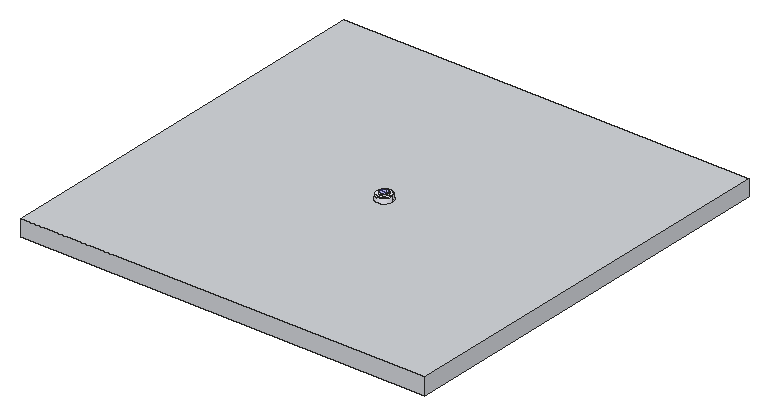
Revit family "BEG-92194", category Dispositifs d'éclairage, Revit 2015
Parameters
  Detection zone [instance] = yes
  Seat area [instance] = height position < 301 cm  # yes
  URL = "http://www.luxomat.com/en-92194"
  Type of output = "SWITCH"
  Ambiant temperature = "-25°C to +50°C"
  Ref = "92194"
  Relay = "10A"
  height position [instance] = 250 cm
  direct Range [instance] = height position * 2.4  # 600 cm
  transversal Range [instance] = height position * 4  # 1000 cm
  Modèle = "PD3-1C-AP"
  Installation type = "Ceiling"
  Brand = "LUXOMAT"
  Image du type = 92194.jpg
  IP = "20"
  Mounting height max = Installation height max  # 300 cm
  Installation height max = 300 cm
  Fabricant = "B.E.G"
  Label [instance] = yes
  Default Elevation = 0 cm
  Consumption = "< 0.5W"
  Commentaires du type = "DET.PRES.360° 1 CAN APPARENT 63MM"
  Code d'assemblage = "D5010200"
  Class = "2"
  Switching power LED = "150W"
  Switching power Cos ɸ =1 = "2000W"
  Switching power Cos ɸ =0.5 = "1000VA"
  Power voltage = "110-240 V AC"
  seated activity [instance] = height position * 1.6  # 400 cm
Reference planes (cm)
  plane 1 "Centre (avant/arrière)": y = 0
  plane 2: z = 0
  plane 3 "Centre (gauche/droite)": x = 0
Forms (cm)
  Extrusion 1, solid
    sketch origin (0, 0, 0) x (1, 0, 0) y (0, 1, 0)
      loop
        line (-121.92, 121.92) -> (-121.92, -121.92) -> (121.92, -121.92) -> (121.92, 121.92) -> (-121.92, 121.92)
    from 0 to -10
Dimensions and locks (cm)
  aligned and locked: plane 2 to Extrusion 1
  aligned and locked: level to Extrusion 1
  aligned and locked: nested 2 to plane 2
Nested families (cm)
  nested 1: "Famille1" at (0, -72.6659, 0) x (-1, 0, 0) z (0, 0, 1), reference <- "Ref", modele <- "Modèle", visible <- "Label", type "Famille1"
    with reference "92194", modele "PD3-1C-AP"
  nested 2: "M8" at (0, 0, 0), type "Standard"
  nested 3: "zone G" at (0, 0, 0) x (-1, 0, 0) z (0, 0, 1), visible <- "Detection zone", activité assise <- "seated activity", biais <- "transversal Range", frontal <- "direct Range", Zone assise <- "Seat area", type "zone G"
    with position 2 240 cm, position 1 400 cm, frontal 600 cm, biais 1000 cm, activité assise 400 cm, Zone assise yes
  nested 4: "Plafond 360° 2D" at (0, 0, 0), type "Plafond 360° 2D"
Connectors (cm)
  electrical at (0, 0, 0)
    settings: on nested 2, index 1, voltage 240 V, apparent load 0 VA, apparent load phase1 0 VA, apparent load phase2 0 VA, apparent load phase3 0 VA, power factor 1, load classification "Eclairage", number of poles 1, system type 31, power factor state 1, is connector primary yes, connector utility no, sub classification motor no, connector description ""
Definition of nested family "M8"
  Reference planes (cm)
    plane 1 "Centre (avant/arrière)": y = 0
    plane 2: z = 0
    plane 3 "Centre (gauche/droite)": x = 0
    plane 4: y = 0
  Forms (cm)
    Revolve 1, solid
      sketch origin (0, 0, 0) x (-1, 0, 0) y (0, 0, 1)
        loop
          line (0, 0) -> (0, 3.6) -> (-2.45, 3.6) -> (-2.6598, 3.35) -> (-2.6598, 3.1) -> (-4.3661, 2.8) -> (-4.69, 2.4) -> (-4.9, 0) -> (0, 0)
        axis (0, 0) -> (0, 3.6)
      angle from 0 to 360
    Revolve 2, solid
      sketch origin (0, 0, 0) x (-1, 0, 0) y (0, 0, 1)
        loop
          line (0, 3.6) -> (0, 5)
          arc (0, 5) -> (-1.3892, 4.6244) -> (-2.4, 3.6) r 2.7571
          line (-2.4, 3.6) -> (0, 3.6)
        axis (0, 3.6) -> (0, 5)
      angle from 0 to 360
  Lines and regions (cm)
    reference lines
      curve 1: line (0, 0, 0) -> (0, 0, 5)
      curve 2: line (2.45, 0, 3.6) -> (0, 0, 3.6)
      curve 3: line (2.6598, 0, 3.35) -> (2.45, 0, 3.6)
      curve 4: line (2.6598, 0, 3.35) -> (2.6598, 0, 3.1)
      curve 5: line (4.3661, 0, 2.8) -> (2.6598, 0, 3.1)
      curve 6: line (4.69, 0, 2.4) -> (4.3661, 0, 2.8)
      curve 7: line (4.9, 0, 0) -> (4.69, 0, 2.4)
      curve 8: line (0, 0, 0) -> (4.9, 0, 0)
      curve 9: line (0, 0, 5) -> (0, 0, 3.6)
      curve 10: arc (0, 0, 5) -> (1.3892, 0, 4.6244) -> (2.4, 0, 3.6) r 2.7571
      curve 11: line (0, 0, 3.6) -> (2.4, 0, 3.6)
      curve 12: line (0, 0, 0) -> (0, 0, 5)
  Dimensions and locks (cm)
    aligned and locked: level to plane 2
    aligned and locked: Revolve 1 sketch curve to curve 1  (x2)
    aligned and locked: Revolve 1 sketch curve to curve 2
    aligned and locked: Revolve 1 sketch curve to curve 3
    aligned and locked: Revolve 1 sketch curve to curve 4
    aligned and locked: Revolve 1 sketch curve to curve 5
    aligned and locked: Revolve 1 sketch curve to curve 6
    aligned and locked: Revolve 1 sketch curve to curve 7
    aligned and locked: Revolve 1 sketch curve to curve 8
    aligned and locked: Revolve 2 sketch curve to curve 9
    aligned and locked: Revolve 2 sketch curve to curve 10
    aligned and locked: Revolve 2 sketch curve to curve 11
    aligned and locked: Revolve 2 sketch curve to curve 12
Definition of nested family "Famille1"
  Parameters (values of type "Famille1")
    reference [instance] = ""
    modele [instance] = ""
  Reference planes (cm)
    plane 1: y = 0
    plane 2: x = 0
  Text (cm)
    label "reference\n\nmodele" at (0.0074, 0.0451, 0), shows "reference", "modele"
Definition of nested family "zone G"
  Parameters (values of type "zone G")
    position 2 [instance] = (frontal / 2) * 0.8  # 240 cm
    position 1 [instance] = (biais / 2) * 0.8  # 400 cm
    frontal [instance] = 600 cm
    biais [instance] = 1000 cm
    activité assise [instance] = 400 cm
    Zone assise [instance] = yes
  Reference planes (cm)
    plane 1 "Centre (avant/arrière)": y = 0
    plane 2: z = 0
    plane 3 "Centre (gauche/droite)": x = 0
    plane 4: x = -400
    plane 5: y = -240
  Lines and regions (cm)
    detail lines, in view "Niveau de réf.", visible <- "Zone assise"
      curve 1: circle (0, 0, 0) r 200 normal (0, 0, 1)
      curve 4: spline (-105.2767, 3.2118, 0) -> (-104.9106, 3.0586, 0) -> (-103.8375, 2.9158, 0) -> (-102.1303, 2.7932, 0) -> (-99.9055, 2.6991, 0) -> (-97.3146, 2.6399, 0) -> (-94.5343, 2.6198, 0) -> (-91.7539, 2.6399, 0) -> (-89.163, 2.6991, 0) -> (-86.9382, 2.7932, 0) -> (-85.231, 2.9158, 0) -> (-84.1579, 3.0586, 0) -> (-83.7918, 3.2118, 0) -> (-84.1579, 3.365, 0) -> (-85.231, 3.5078, 0) -> (-86.9382, 3.6305, 0) -> (-89.163, 3.7245, 0) -> (-91.7539, 3.7837, 0) -> (-94.5343, 3.8039, 0) -> (-97.3146, 3.7837, 0) -> (-99.9055, 3.7245, 0) -> (-102.1303, 3.6305, 0) -> (-103.8375, 3.5078, 0) -> (-104.9106, 3.365, 0) -> (-105.2767, 3.2118, 0)
      curve 5: line (-105.2767, 3.2118, 0) -> (-103.7271, 3.5181, 0)
      curve 6: arc (-102.6495, -16.5888, 0) -> (-107.2915, -17.186, 0) -> (-111.6311, -18.9388, 0) r 18.3388
      curve 7: arc (-111.6311, -18.9388, 0) -> (-111.6982, -19.0046, 0) -> (-111.7229, -19.0953, 0) r 0.1799
      curve 8: arc (-102.4571, -17.1805, 0) -> (-106.7473, -17.5804, 0) -> (-110.8538, -18.8852, 0) r 20.1051
      curve 9: arc (-110.8538, -18.8852, 0) -> (-111.0396, -18.979, 0) -> (-111.2122, -19.0953, 0) r 1.6679
      curve 10: circle (-111.4676, -19.8292, 0) r 0.5096 normal (0, 0, 1)
      curve 11: arc (-110.898, -19.8292, 0) -> (-111.4676, -19.2597, 0) -> (-112.0372, -19.8292, 0) r 0.5696
      curve 12: arc (-110.838, -19.8292, 0) -> (-111.4676, -19.1997, 0) -> (-112.0972, -19.8292, 0) r 0.6296
      curve 13: arc (-86.4191, -16.5888, 0) -> (-81.7771, -17.186, 0) -> (-77.4374, -18.9388, 0) r 18.3388
      curve 14: arc (-77.4374, -18.9388, 0) -> (-77.3704, -19.0046, 0) -> (-77.3456, -19.0953, 0) r 0.1799
      curve 15: arc (-86.6114, -17.1805, 0) -> (-82.3212, -17.5804, 0) -> (-78.2147, -18.8852, 0) r 20.1051
      curve 16: arc (-78.2147, -18.8852, 0) -> (-78.0289, -18.979, 0) -> (-77.8563, -19.0953, 0) r 1.6679
      curve 17: circle (-77.6009, -19.8292, 0) r 0.5096 normal (0, 0, 1)
      curve 18: arc (-77.0314, -19.8292, 0) -> (-77.6009, -19.2597, 0) -> (-78.1705, -19.8292, 0) r 0.5696
      curve 19: arc (-76.9714, -19.8292, 0) -> (-77.6009, -19.1997, 0) -> (-78.2305, -19.8292, 0) r 0.6296
      curve 20: arc (-95.2593, -16.5888, 0) -> (-98.9871, -17.441, 0) -> (-102.5056, -18.9388, 0) r 21.5424
      curve 21: arc (-102.5056, -18.9388, 0) -> (-102.5726, -19.0046, 0) -> (-102.5974, -19.0953, 0) r 0.1799
      curve 22: arc (-95.2593, -17.1805, 0) -> (-98.5536, -17.8061, 0) -> (-101.7283, -18.8852, 0) r 23.9713
      curve 23: arc (-101.7283, -18.8852, 0) -> (-101.911, -18.9772, 0) -> (-102.081, -19.0909, 0) r 1.6679
      curve 24: arc (-95.0229, -17.1805, 0) -> (-98.2689, -17.8294, 0) -> (-101.4063, -18.8852, 0) r 26.0219
      curve 25: arc (-101.4063, -18.8852, 0) -> (-101.592, -18.979, 0) -> (-101.7647, -19.0953, 0) r 1.6679
      curve 26: circle (-102.181, -19.8292, 0) r 0.5096 normal (0, 0, 1)
      curve 27: arc (-101.6114, -19.8292, 0) -> (-102.181, -19.2597, 0) -> (-102.7506, -19.8292, 0) r 0.5696
      curve 28: arc (-101.5514, -19.8292, 0) -> (-102.181, -19.1997, 0) -> (-102.8106, -19.8292, 0) r 0.6296
      curve 29: arc (-93.8092, -16.5888, 0) -> (-90.0814, -17.441, 0) -> (-86.5629, -18.9388, 0) r 21.5424
      curve 30: arc (-86.5629, -18.9388, 0) -> (-86.4959, -19.0046, 0) -> (-86.4711, -19.0953, 0) r 0.1799
      curve 31: arc (-93.8092, -17.1805, 0) -> (-90.5149, -17.8061, 0) -> (-87.3402, -18.8852, 0) r 23.9713
      curve 32: arc (-87.3402, -18.8852, 0) -> (-87.1544, -18.979, 0) -> (-86.9818, -19.0953, 0) r 1.6679
      curve 33: arc (-94.0457, -17.1805, 0) -> (-90.7996, -17.8294, 0) -> (-87.6622, -18.8852, 0) r 26.0219
      curve 34: arc (-87.6622, -18.8852, 0) -> (-87.4765, -18.979, 0) -> (-87.3039, -19.0953, 0) r 1.6679
      curve 35: circle (-86.8875, -19.8292, 0) r 0.5096 normal (0, 0, 1)
      curve 36: arc (-86.3179, -19.8292, 0) -> (-86.8875, -19.2597, 0) -> (-87.4571, -19.8292, 0) r 0.5696
      curve 37: arc (-86.2579, -19.8292, 0) -> (-86.8875, -19.1997, 0) -> (-87.5171, -19.8292, 0) r 0.6296
      curve 38: arc (-103.0079, 8.8705, 0) -> (-101.8776, 5.8173, 0) -> (-98.8653, 4.5819, 0) r 4.0512
      curve 39: arc (-83.7186, 4.2269, 0) -> (-82.9538, 3.7817, 0) -> (-82.7946, 2.9112, 0) r 1.0582
      curve 40: arc (-82.7946, 2.9112, 0) -> (-84.0889, -6.227, 0) -> (-84.0703, -15.4564, 0) r 64.7189
      curve 41: arc (-84.0703, -15.4564, 0) -> (-83.933, -16.0031, 0) -> (-83.4527, -16.2981, 0) r 0.7467
      curve 42: arc (-83.4527, -16.2981, 0) -> (-80.3714, -16.8717, 0) -> (-77.238, -16.9405, 0) r 19.3577
      curve 43: arc (-77.238, -16.9405, 0) -> (-77.6363, -16.4391, 0) -> (-78.2461, -16.244, 0) r 1.1013
      curve 44: arc (-78.2461, -16.244, 0) -> (-80.4274, -15.8096, 0) -> (-82.5587, -15.1742, 0) r 23.8747
      curve 45: arc (-82.5587, -15.1742, 0) -> (-81.6045, -6.5488, 0) -> (-80.848, 2.0961, 0) r 379.1961
      curve 46: arc (-80.848, 2.0961, 0) -> (-81.0708, 4.8418, 0) -> (-83.0581, 6.7494, 0) r 3.8846
      curve 47: arc (-83.0581, 6.7494, 0) -> (-89.2141, 8.8147, 0) -> (-95.6542, 9.6431, 0) r 33.2193
      curve 48: arc (-95.6542, 9.6431, 0) -> (-94.8516, 17.305, 0) -> (-94.8609, 25.0089, 0) r 72.9952
      curve 49: arc (-95.1116, 28.28, 0) -> (-95.2196, 29.2958, 0) -> (-95.3418, 30.31, 0) r 72.9952
      curve 50: arc (-98.1747, 30.0752, 0) -> (-100.3426, 29.2913, 0) -> (-99.4886, 27.1501, 0) r 1.6042
      curve 51: arc (-95.3418, 30.31, 0) -> (-98.7298, 32.2574, 0) -> (-102.1179, 30.31, 0) r 3.9209
      curve 52: arc (-68.8418, 20.3177, 0) -> (-68.8537, 20.2265, 0) -> (-68.9411, 20.2549, 0) r 0.0597
      curve 53: arc (-70.9776, 20.5408, 0) -> (-70.9496, 20.3832, 0) -> (-71.1082, 20.3621, 0) r 0.1108
      curve 54: spline (-98.8908, 41.6409, 0) -> (-97.9793, 41.5103, 0) -> (-97.1229, 41.0855, 0) -> (-96.38, 40.3954, 0) -> (-95.8012, 39.4871, 0) -> (-95.426, 38.4224, 0) -> (-95.2799, 37.274, 0) -> (-95.3728, 36.12, 0) -> (-95.6985, 35.0392, 0) -> (-96.2348, 34.1051, 0) -> (-96.945, 33.3815, 0) -> (-97.7809, 32.9176, 0) -> (-98.6854, 32.7451, 0) -> (-99.5969, 32.8757, 0) -> (-100.4532, 33.3005, 0) -> (-101.1961, 33.9906, 0) -> (-101.7749, 34.8989, 0) -> (-102.1502, 35.9636, 0) -> (-102.2963, 37.112, 0) -> (-102.2033, 38.266, 0) -> (-101.8776, 39.3468, 0) -> (-101.3414, 40.2809, 0) -> (-100.6311, 41.0045, 0) -> (-99.7953, 41.4684, 0) -> (-98.8908, 41.6409, 0)
      curve 55: line (-74.1608, -20.3388, 0) -> (-33.3759, -20.3388, 0)
      curve 56: line (-33.3759, -20.3388, 0) -> (-33.3759, 18.6681, 0)
      curve 57: line (-33.3759, 18.6681, 0) -> (-74.1608, 18.6681, 0)
      curve 58: line (-74.1608, 18.6681, 0) -> (-74.1608, -20.3388, 0)
      curve 59: line (-74.1608, -20.3388, 0) -> (-120.7181, -20.3388, 0)
      curve 60: line (-80.1025, 18.6681, 0) -> (-27.4342, 18.6681, 0)
      curve 61: line (-27.4342, 18.6681, 0) -> (-27.4342, 20.1345, 0)
      curve 62: line (-27.4342, 20.1345, 0) -> (-80.1025, 20.1345, 0)
      curve 63: line (-80.1025, 20.1345, 0) -> (-80.1025, 18.6681, 0)
      curve 64: line (-95.5223, 2.6198, 0) -> (-93.5462, 2.6198, 0)
      curve 65: line (-93.5462, 2.6198, 0) -> (-93.5462, -16.5888, 0)
      curve 66: line (-93.5462, -16.5888, 0) -> (-95.5223, -16.5888, 0)
      curve 67: line (-95.5223, -16.5888, 0) -> (-95.5223, 2.6198, 0)
      curve 68: line (-95.5223, -16.5888, 0) -> (-102.6495, -16.5888, 0)
      curve 69: line (-111.7229, -19.0953, 0) -> (-111.2122, -19.0953, 0)
      curve 70: line (-93.8092, -16.5888, 0) -> (-94.0457, -17.1805, 0)
      curve 71: line (-94.0457, -17.1805, 0) -> (-93.8092, -17.1805, 0)
      curve 72: line (-93.8092, -17.1805, 0) -> (-94.5343, -17.1805, 0)
      curve 73: line (-94.5343, -17.1805, 0) -> (-95.2593, -17.1805, 0)
      curve 74: line (-95.2593, -17.1805, 0) -> (-95.0229, -17.1805, 0)
      curve 75: line (-95.0229, -17.1805, 0) -> (-95.2593, -16.5888, 0)
      curve 76: line (-98.1226, -17.1805, 0) -> (-102.4571, -17.1805, 0)
      curve 77: line (-112.0372, -19.8292, 0) -> (-112.0972, -19.8292, 0)
      curve 78: line (-110.898, -19.8292, 0) -> (-110.838, -19.8292, 0)
      curve 79: line (-111.3676, -19.2076, 0) -> (-111.3676, -19.0953, 0)
      curve 80: line (-111.5676, -19.2076, 0) -> (-111.5676, -19.0953, 0)
      curve 81: line (-93.5462, -16.5888, 0) -> (-86.4191, -16.5888, 0)
      curve 82: line (-77.3456, -19.0953, 0) -> (-77.8563, -19.0953, 0)
      curve 83: line (-90.9459, -17.1805, 0) -> (-86.6114, -17.1805, 0)
      curve 84: line (-77.0314, -19.8292, 0) -> (-76.9714, -19.8292, 0)
      curve 85: line (-78.1705, -19.8292, 0) -> (-78.2305, -19.8292, 0)
      curve 86: line (-77.7009, -19.2076, 0) -> (-77.7009, -19.0953, 0)
      curve 87: line (-77.5009, -19.2076, 0) -> (-77.5009, -19.0953, 0)
      curve 88: line (-102.5974, -19.0953, 0) -> (-101.7647, -19.0953, 0)
      curve 89: line (-102.7506, -19.8292, 0) -> (-102.8106, -19.8292, 0)
      curve 90: line (-101.6114, -19.8292, 0) -> (-101.5514, -19.8292, 0)
      curve 91: line (-102.081, -19.2076, 0) -> (-102.081, -19.0909, 0)
      curve 92: line (-102.281, -19.2076, 0) -> (-102.281, -19.0953, 0)
      curve 93: line (-86.4711, -19.0953, 0) -> (-87.3039, -19.0953, 0)
      curve 94: line (-86.3179, -19.8292, 0) -> (-86.2579, -19.8292, 0)
      curve 95: line (-87.4571, -19.8292, 0) -> (-87.5171, -19.8292, 0)
      curve 96: line (-86.9875, -19.2076, 0) -> (-86.9875, -19.0953, 0)
      curve 97: line (-86.7875, -19.2076, 0) -> (-86.7875, -19.0953, 0)
      curve 98: line (-98.8653, 4.5819, 0) -> (-83.7186, 4.2269, 0)
      curve 99: line (-103.0079, 8.8705, 0) -> (-102.1179, 30.31, 0)
      curve 100: line (-98.1747, 30.0752, 0) -> (-85.3255, 22.5448, 0)
      curve 101: line (-85.3255, 22.5448, 0) -> (-74.2929, 21.667, 0)
      curve 102: line (-74.2929, 21.667, 0) -> (-71.6033, 21.7219, 0)
      curve 103: line (-71.6033, 21.7219, 0) -> (-69.7371, 21.2829, 0)
      curve 104: line (-69.7371, 21.2829, 0) -> (-68.8418, 20.3177, 0)
      curve 105: line (-68.9411, 20.2549, 0) -> (-69.7808, 21.0896, 0)
      curve 106: line (-69.7808, 21.0896, 0) -> (-71.6115, 21.2989, 0)
      curve 107: line (-71.6115, 21.2989, 0) -> (-72.0159, 21.0248, 0)
      curve 108: line (-72.0159, 21.0248, 0) -> (-70.9776, 20.5408, 0)
      curve 109: line (-71.1082, 20.3621, 0) -> (-72.6656, 20.8949, 0)
      curve 110: line (-72.6656, 20.8949, 0) -> (-74.496, 20.6558, 0)
      curve 111: line (-74.496, 20.6558, 0) -> (-86.0144, 20.9158, 0)
      curve 112: line (-86.0144, 20.9158, 0) -> (-99.4886, 27.1501, 0)
      curve 113: line (-99.8644, 32.9741, 0) -> (-99.9944, 32.0479, 0)
      curve 114: line (-97.5142, 33.0301, 0) -> (-97.3718, 32.0147, 0)
      curve 115: line (-33.3759, -20.3388, 0) -> (-21.8014, -20.3388, 0)
    detail lines, in view "Niveau de réf."
      curve 2: circle (0, 0, 0) r 300 normal (0, 0, 1)
      curve 3: circle (0, 0, 0) r 500 normal (0, 0, 1)
      curve 116: spline (2.3068, -267.7265, 0) -> (4.0856, -267.3949, 0) -> (5.7432, -266.4226, 0) -> (7.1667, -264.876, 0) -> (8.2589, -262.8603, 0) -> (8.9455, -260.5131, 0) -> (9.1797, -257.9942, 0) -> (8.9455, -255.4753, 0) -> (8.2589, -253.1281, 0) -> (7.1667, -251.1125, 0) -> (5.7432, -249.5658, 0) -> (4.0856, -248.5936, 0) -> (2.3068, -248.262, 0) -> (0.5279, -248.5936, 0) -> (-1.1297, -249.5658, 0) -> (-2.5531, -251.1125, 0) -> (-3.6453, -253.1281, 0) -> (-4.3319, -255.4753, 0) -> (-4.5661, -257.9942, 0) -> (-4.3319, -260.5131, 0) -> (-3.6453, -262.8603, 0) -> (-2.5531, -264.876, 0) -> (-1.1297, -266.4226, 0) -> (0.5279, -267.3949, 0) -> (2.3068, -267.7265, 0)
      curve 117: line (-4.7649, -255.0929, 0) -> (0.5136, -267.9212, 0)
      curve 118: line (3.5648, -268.0775, 0) -> (9.2455, -254.5266, 0)
      curve 119: line (-0.3759, -248.4588, 0) -> (-3.0011, -250.8806, 0)
      curve 120: line (3.5053, -268.5045, 0) -> (6.62, -268.3756, 0)
      curve 121: line (1.7304, -268.3525, 0) -> (3.5053, -268.5045, 0)
      curve 122: line (-4.7649, -255.0929, 0) -> (0.5136, -267.9212, 0)
      curve 123: line (-21.1936, -255.3894, 0) -> (-24.4202, -257.3623, 0)
      curve 124: line (-21.1936, -255.3894, 0) -> (-24.4202, -257.3623, 0)
      curve 125: line (-0.3759, -248.4588, 0) -> (-3.0011, -250.8806, 0)
      curve 126: line (1.7304, -268.3525, 0) -> (6.62, -268.3756, 0)
      curve 127: line (3.5648, -268.0775, 0) -> (9.2455, -254.5266, 0)
      curve 128: line (0, -240, 0) -> (0, -209.0788, 0)
      curve 129: line (0, -209.0788, 0) -> (0, -200.7814, 0)
      curve 130: spline (-397.6932, -27.7265, 0) -> (-395.9144, -27.3949, 0) -> (-394.2568, -26.4226, 0) -> (-392.8333, -24.876, 0) -> (-391.7411, -22.8603, 0) -> (-391.0545, -20.5131, 0) -> (-390.8203, -17.9942, 0) -> (-391.0545, -15.4753, 0) -> (-391.7411, -13.1281, 0) -> (-392.8333, -11.1125, 0) -> (-394.2568, -9.5658, 0) -> (-395.9144, -8.5936, 0) -> (-397.6932, -8.262, 0) -> (-399.4721, -8.5936, 0) -> (-401.1297, -9.5658, 0) -> (-402.5531, -11.1125, 0) -> (-403.6453, -13.1281, 0) -> (-404.3319, -15.4753, 0) -> (-404.5661, -17.9942, 0) -> (-404.3319, -20.5131, 0) -> (-403.6453, -22.8603, 0) -> (-402.5531, -24.876, 0) -> (-401.1297, -26.4226, 0) -> (-399.4721, -27.3949, 0) -> (-397.6932, -27.7265, 0)
      curve 131: line (-404.7649, -15.0929, 0) -> (-399.4864, -27.9212, 0)
      curve 132: line (-396.4352, -28.0775, 0) -> (-390.7545, -14.5266, 0)
      curve 133: line (-400.3759, -8.4588, 0) -> (-403.0011, -10.8806, 0)
      curve 134: line (-396.4947, -28.5045, 0) -> (-393.38, -28.3756, 0)
      curve 135: line (-398.2696, -28.3525, 0) -> (-396.4947, -28.5045, 0)
      curve 136: line (-404.7649, -15.0929, 0) -> (-399.4864, -27.9212, 0)
      curve 137: line (-421.1936, -15.3894, 0) -> (-424.4202, -17.3623, 0)
      curve 138: line (-421.1936, -15.3894, 0) -> (-424.4202, -17.3623, 0)
      curve 139: line (-400.3759, -8.4588, 0) -> (-403.0011, -10.8806, 0)
      curve 140: line (-398.2696, -28.3525, 0) -> (-393.38, -28.3756, 0)
      curve 141: line (-396.4352, -28.0775, 0) -> (-390.7545, -14.5266, 0)
      curve 142: line (-400, 0, 0) -> (-400, 30.9212, 0)
      curve 143: line (-400, 30.9212, 0) -> (-400, 39.2186, 0)
    detail lines, in view "Niveau de réf.", visible <- "Zone assise", not visible
      curve 144: spline (925.976, -22.5654, 0) -> (926.342, -22.7186, 0) -> (927.4152, -22.8614, 0) -> (929.1224, -22.984, 0) -> (931.3472, -23.0781, 0) -> (933.938, -23.1373, 0) -> (936.7184, -23.1574, 0) -> (939.4987, -23.1373, 0) -> (942.0896, -23.0781, 0) -> (944.3144, -22.984, 0) -> (946.0216, -22.8614, 0) -> (947.0948, -22.7186, 0) -> (947.4608, -22.5654, 0) -> (947.0948, -22.4122, 0) -> (946.0216, -22.2694, 0) -> (944.3144, -22.1467, 0) -> (942.0896, -22.0527, 0) -> (939.4987, -21.9935, 0) -> (936.7184, -21.9733, 0) -> (933.938, -21.9935, 0) -> (931.3472, -22.0527, 0) -> (929.1224, -22.1467, 0) -> (927.4152, -22.2694, 0) -> (926.342, -22.4122, 0) -> (925.976, -22.5654, 0)
      curve 145: line (925.976, -22.5654, 0) -> (927.5256, -22.2591, 0)
      curve 146: arc (928.6032, -42.366, 0) -> (923.9612, -42.9632, 0) -> (919.6215, -44.716, 0) r 18.3388
      curve 147: arc (919.6215, -44.716, 0) -> (919.5545, -44.7818, 0) -> (919.5297, -44.8725, 0) r 0.1799
      curve 148: arc (928.7956, -42.9577, 0) -> (924.5053, -43.3576, 0) -> (920.3988, -44.6624, 0) r 20.1051
      curve 149: arc (920.3988, -44.6624, 0) -> (920.213, -44.7562, 0) -> (920.0404, -44.8725, 0) r 1.6679
      curve 150: circle (919.7851, -45.6065, 0) r 0.5096 normal (0, 0, 1)
      curve 151: arc (920.3547, -45.6065, 0) -> (919.7851, -45.0369, 0) -> (919.2155, -45.6065, 0) r 0.5696
      curve 152: arc (920.4147, -45.6065, 0) -> (919.7851, -44.9769, 0) -> (919.1555, -45.6065, 0) r 0.6296
      curve 153: arc (944.8336, -42.366, 0) -> (949.4756, -42.9632, 0) -> (953.8152, -44.716, 0) r 18.3388
      curve 154: arc (953.8152, -44.716, 0) -> (953.8823, -44.7818, 0) -> (953.907, -44.8725, 0) r 0.1799
      curve 155: arc (944.6412, -42.9577, 0) -> (948.9315, -43.3576, 0) -> (953.038, -44.6624, 0) r 20.1051
      curve 156: arc (953.038, -44.6624, 0) -> (953.2237, -44.7562, 0) -> (953.3964, -44.8725, 0) r 1.6679
      curve 157: circle (953.6517, -45.6065, 0) r 0.5096 normal (0, 0, 1)
      curve 158: arc (954.2213, -45.6065, 0) -> (953.6517, -45.0369, 0) -> (953.0821, -45.6065, 0) r 0.5696
      curve 159: arc (954.2813, -45.6065, 0) -> (953.6517, -44.9769, 0) -> (953.0221, -45.6065, 0) r 0.6296
      curve 160: arc (935.9933, -42.366, 0) -> (932.2655, -43.2182, 0) -> (928.7471, -44.716, 0) r 21.5424
      curve 161: arc (928.7471, -44.716, 0) -> (928.68, -44.7818, 0) -> (928.6553, -44.8725, 0) r 0.1799
      curve 162: arc (935.9933, -42.9577, 0) -> (932.6991, -43.5833, 0) -> (929.5243, -44.6624, 0) r 23.9713
      curve 163: arc (929.5243, -44.6624, 0) -> (929.3417, -44.7544, 0) -> (929.1716, -44.8681, 0) r 1.6679
      curve 164: arc (936.2298, -42.9577, 0) -> (932.9838, -43.6066, 0) -> (929.8464, -44.6624, 0) r 26.0219
      curve 165: arc (929.8464, -44.6624, 0) -> (929.6606, -44.7562, 0) -> (929.488, -44.8725, 0) r 1.6679
      curve 166: circle (929.0716, -45.6065, 0) r 0.5096 normal (0, 0, 1)
      curve 167: arc (929.6412, -45.6065, 0) -> (929.0716, -45.0369, 0) -> (928.502, -45.6065, 0) r 0.5696
      curve 168: arc (929.7012, -45.6065, 0) -> (929.0716, -44.9769, 0) -> (928.442, -45.6065, 0) r 0.6296
      curve 169: arc (937.4435, -42.366, 0) -> (941.1713, -43.2182, 0) -> (944.6897, -44.716, 0) r 21.5424
      curve 170: arc (944.6897, -44.716, 0) -> (944.7568, -44.7818, 0) -> (944.7815, -44.8725, 0) r 0.1799
      curve 171: arc (937.4435, -42.9577, 0) -> (940.7377, -43.5833, 0) -> (943.9124, -44.6624, 0) r 23.9713
      curve 172: arc (943.9124, -44.6624, 0) -> (944.0982, -44.7562, 0) -> (944.2708, -44.8725, 0) r 1.6679
      curve 173: arc (937.207, -42.9577, 0) -> (940.453, -43.6066, 0) -> (943.5904, -44.6624, 0) r 26.0219
      curve 174: arc (943.5904, -44.6624, 0) -> (943.7762, -44.7562, 0) -> (943.9488, -44.8725, 0) r 1.6679
      curve 175: circle (944.3651, -45.6065, 0) r 0.5096 normal (0, 0, 1)
      curve 176: arc (944.9347, -45.6065, 0) -> (944.3651, -45.0369, 0) -> (943.7956, -45.6065, 0) r 0.5696
      curve 177: arc (944.9947, -45.6065, 0) -> (944.3651, -44.9769, 0) -> (943.7356, -45.6065, 0) r 0.6296
      curve 178: arc (928.2447, -16.9067, 0) -> (929.3751, -19.9599, 0) -> (932.3873, -21.1953, 0) r 4.0512
      curve 179: arc (947.5341, -21.5503, 0) -> (948.2989, -21.9955, 0) -> (948.4581, -22.866, 0) r 1.0582
      curve 180: arc (948.4581, -22.866, 0) -> (947.1637, -32.0042, 0) -> (947.1824, -41.2336, 0) r 64.7189
      curve 181: arc (947.1824, -41.2336, 0) -> (947.3196, -41.7803, 0) -> (947.8, -42.0753, 0) r 0.7467
      curve 182: arc (947.8, -42.0753, 0) -> (950.8812, -42.6489, 0) -> (954.0146, -42.7177, 0) r 19.3577
      curve 183: arc (954.0146, -42.7177, 0) -> (953.6164, -42.2163, 0) -> (953.0065, -42.0212, 0) r 1.1013
      curve 184: arc (953.0065, -42.0212, 0) -> (950.8253, -41.5868, 0) -> (948.6939, -40.9514, 0) r 23.8747
      curve 185: arc (948.6939, -40.9514, 0) -> (949.6481, -32.326, 0) -> (950.4047, -23.6811, 0) r 379.1961
      curve 186: arc (950.4047, -23.6811, 0) -> (950.1819, -20.9354, 0) -> (948.1945, -19.0278, 0) r 3.8846
      curve 187: arc (948.1945, -19.0278, 0) -> (942.0386, -16.9625, 0) -> (935.5985, -16.1341, 0) r 33.2193
      curve 188: arc (935.5985, -16.1341, 0) -> (936.4011, -8.4722, 0) -> (936.3918, -0.7683, 0) r 72.9952
      curve 189: arc (936.1411, 2.5028, 0) -> (936.0331, 3.5186, 0) -> (935.9108, 4.5328, 0) r 72.9952
      curve 190: arc (933.0779, 4.298, 0) -> (930.9101, 3.5141, 0) -> (931.7641, 1.3729, 0) r 1.6042
      curve 191: arc (935.9108, 4.5328, 0) -> (932.5228, 6.4802, 0) -> (929.1348, 4.5328, 0) r 3.9209
      curve 192: arc (962.4108, -5.4595, 0) -> (962.3989, -5.5507, 0) -> (962.3115, -5.5223, 0) r 0.0597
      curve 193: arc (960.275, -5.2364, 0) -> (960.303, -5.394, 0) -> (960.1444, -5.4151, 0) r 0.1108
      curve 194: spline (932.3619, 15.8637, 0) -> (933.2734, 15.7331, 0) -> (934.1297, 15.3083, 0) -> (934.8726, 14.6182, 0) -> (935.4514, 13.7099, 0) -> (935.8267, 12.6452, 0) -> (935.9728, 11.4968, 0) -> (935.8798, 10.3428, 0) -> (935.5541, 9.262, 0) -> (935.0179, 8.3279, 0) -> (934.3076, 7.6043, 0) -> (933.4718, 7.1404, 0) -> (932.5673, 6.9679, 0) -> (931.6558, 7.0985, 0) -> (930.7994, 7.5233, 0) -> (930.0565, 8.2134, 0) -> (929.4777, 9.1217, 0) -> (929.1025, 10.1864, 0) -> (928.9564, 11.3348, 0) -> (929.0493, 12.4888, 0) -> (929.375, 13.5696, 0) -> (929.9113, 14.5037, 0) -> (930.6215, 15.2273, 0) -> (931.4574, 15.6912, 0) -> (932.3619, 15.8637, 0)
      curve 195: line (957.0918, -46.116, 0) -> (997.8768, -46.116, 0)
      curve 196: line (997.8768, -46.116, 0) -> (997.8768, -7.1091, 0)
      curve 197: line (997.8768, -7.1091, 0) -> (957.0918, -7.1091, 0)
      curve 198: line (957.0918, -7.1091, 0) -> (957.0918, -46.116, 0)
      curve 199: line (957.0918, -46.116, 0) -> (910.5345, -46.116, 0)
      curve 200: line (951.1501, -7.1091, 0) -> (1003.8185, -7.1091, 0)
      curve 201: line (1003.8185, -7.1091, 0) -> (1003.8185, -5.6427, 0)
      curve 202: line (1003.8185, -5.6427, 0) -> (951.1501, -5.6427, 0)
      curve 203: line (951.1501, -5.6427, 0) -> (951.1501, -7.1091, 0)
      curve 204: line (935.7304, -23.1574, 0) -> (937.7064, -23.1574, 0)
      curve 205: line (937.7064, -23.1574, 0) -> (937.7064, -42.366, 0)
      curve 206: line (937.7064, -42.366, 0) -> (935.7304, -42.366, 0)
      curve 207: line (935.7304, -42.366, 0) -> (935.7304, -23.1574, 0)
      curve 208: line (935.7304, -42.366, 0) -> (928.6032, -42.366, 0)
      curve 209: line (919.5297, -44.8725, 0) -> (920.0404, -44.8725, 0)
      curve 210: line (937.4435, -42.366, 0) -> (937.207, -42.9577, 0)
      curve 211: line (937.207, -42.9577, 0) -> (937.4435, -42.9577, 0)
      curve 212: line (937.4435, -42.9577, 0) -> (936.7184, -42.9577, 0)
      curve 213: line (936.7184, -42.9577, 0) -> (935.9933, -42.9577, 0)
      curve 214: line (935.9933, -42.9577, 0) -> (936.2298, -42.9577, 0)
      curve 215: line (936.2298, -42.9577, 0) -> (935.9933, -42.366, 0)
      curve 216: line (933.13, -42.9577, 0) -> (928.7956, -42.9577, 0)
      curve 217: line (919.2155, -45.6065, 0) -> (919.1555, -45.6065, 0)
      curve 218: line (920.3547, -45.6065, 0) -> (920.4147, -45.6065, 0)
      curve 219: line (919.8851, -44.9848, 0) -> (919.8851, -44.8725, 0)
      curve 220: line (919.6851, -44.9848, 0) -> (919.6851, -44.8725, 0)
      curve 221: line (937.7064, -42.366, 0) -> (944.8336, -42.366, 0)
      curve 222: line (953.907, -44.8725, 0) -> (953.3964, -44.8725, 0)
      curve 223: line (940.3068, -42.9577, 0) -> (944.6412, -42.9577, 0)
      curve 224: line (954.2213, -45.6065, 0) -> (954.2813, -45.6065, 0)
      curve 225: line (953.0821, -45.6065, 0) -> (953.0221, -45.6065, 0)
      curve 226: line (953.5517, -44.9848, 0) -> (953.5517, -44.8725, 0)
      curve 227: line (953.7517, -44.9848, 0) -> (953.7517, -44.8725, 0)
      curve 228: line (928.6553, -44.8725, 0) -> (929.488, -44.8725, 0)
      curve 229: line (928.502, -45.6065, 0) -> (928.442, -45.6065, 0)
      curve 230: line (929.6412, -45.6065, 0) -> (929.7012, -45.6065, 0)
      curve 231: line (929.1716, -44.9848, 0) -> (929.1716, -44.8681, 0)
      curve 232: line (928.9716, -44.9848, 0) -> (928.9716, -44.8725, 0)
      curve 233: line (944.7815, -44.8725, 0) -> (943.9488, -44.8725, 0)
      curve 234: line (944.9347, -45.6065, 0) -> (944.9947, -45.6065, 0)
      curve 235: line (943.7956, -45.6065, 0) -> (943.7356, -45.6065, 0)
      curve 236: line (944.2651, -44.9848, 0) -> (944.2651, -44.8725, 0)
      curve 237: line (944.4651, -44.9848, 0) -> (944.4651, -44.8725, 0)
      curve 238: line (932.3873, -21.1953, 0) -> (947.5341, -21.5503, 0)
      curve 239: line (928.2447, -16.9067, 0) -> (929.1348, 4.5328, 0)
      curve 240: line (933.0779, 4.298, 0) -> (945.9271, -3.2324, 0)
      curve 241: line (945.9271, -3.2324, 0) -> (956.9598, -4.1102, 0)
      curve 242: line (956.9598, -4.1102, 0) -> (959.6493, -4.0553, 0)
      curve 243: line (959.6493, -4.0553, 0) -> (961.5155, -4.4943, 0)
      curve 244: line (961.5155, -4.4943, 0) -> (962.4108, -5.4595, 0)
      curve 245: line (962.3115, -5.5223, 0) -> (961.4719, -4.6876, 0)
      curve 246: line (961.4719, -4.6876, 0) -> (959.6412, -4.4783, 0)
      curve 247: line (959.6412, -4.4783, 0) -> (959.2367, -4.7524, 0)
      curve 248: line (959.2367, -4.7524, 0) -> (960.275, -5.2364, 0)
      curve 249: line (960.1444, -5.4151, 0) -> (958.5871, -4.8823, 0)
      curve 250: line (958.5871, -4.8823, 0) -> (956.7566, -5.1214, 0)
      curve 251: line (956.7566, -5.1214, 0) -> (945.2383, -4.8614, 0)
      curve 252: line (945.2383, -4.8614, 0) -> (931.7641, 1.3729, 0)
      curve 253: line (931.3882, 7.1969, 0) -> (931.2583, 6.2707, 0)
      curve 254: line (933.7384, 7.2529, 0) -> (933.8809, 6.2375, 0)
      curve 255: line (997.8768, -46.116, 0) -> (1009.4512, -46.116, 0)
    detail lines, in view "Niveau de réf.", not visible
      curve 256: spline (630.3724, -48.277, 0) -> (632.1512, -47.9453, 0) -> (633.8088, -46.9731, 0) -> (635.2323, -45.4264, 0) -> (636.3245, -43.4108, 0) -> (637.0111, -41.0636, 0) -> (637.2453, -38.5447, 0) -> (637.0111, -36.0258, 0) -> (636.3245, -33.6786, 0) -> (635.2323, -31.663, 0) -> (633.8088, -30.1163, 0) -> (632.1512, -29.1441, 0) -> (630.3724, -28.8124, 0) -> (628.5935, -29.1441, 0) -> (626.9359, -30.1163, 0) -> (625.5125, -31.663, 0) -> (624.4202, -33.6786, 0) -> (623.7336, -36.0258, 0) -> (623.4995, -38.5447, 0) -> (623.7336, -41.0636, 0) -> (624.4202, -43.4108, 0) -> (625.5125, -45.4264, 0) -> (626.9359, -46.9731, 0) -> (628.5935, -47.9453, 0) -> (630.3724, -48.277, 0)
      curve 257: line (623.3007, -35.6434, 0) -> (628.5792, -48.4717, 0)
      curve 258: line (631.6303, -48.628, 0) -> (637.311, -35.0771, 0)
      curve 259: line (627.6897, -29.0093, 0) -> (625.0645, -31.4311, 0)
      curve 260: line (631.5709, -49.055, 0) -> (634.6856, -48.9261, 0)
      curve 261: line (629.7959, -48.903, 0) -> (631.5709, -49.055, 0)
      curve 262: line (623.3007, -35.6434, 0) -> (628.5792, -48.4717, 0)
      curve 263: line (606.872, -35.9399, 0) -> (603.6454, -37.9127, 0)
      curve 264: line (606.872, -35.9399, 0) -> (603.6454, -37.9127, 0)
      curve 265: line (627.6897, -29.0093, 0) -> (625.0645, -31.4311, 0)
      curve 266: line (629.7959, -48.903, 0) -> (634.6856, -48.9261, 0)
      curve 267: line (631.6303, -48.628, 0) -> (637.311, -35.0771, 0)
      curve 268: line (628.0656, -20.5505, 0) -> (628.0656, 10.3707, 0)
      curve 269: line (628.0656, 10.3707, 0) -> (628.0656, 18.6681, 0)
      curve 270: spline (1030.3724, -260.777, 0) -> (1032.1512, -260.4453, 0) -> (1033.8088, -259.4731, 0) -> (1035.2323, -257.9264, 0) -> (1036.3245, -255.9108, 0) -> (1037.0111, -253.5636, 0) -> (1037.2453, -251.0447, 0) -> (1037.0111, -248.5258, 0) -> (1036.3245, -246.1786, 0) -> (1035.2323, -244.163, 0) -> (1033.8088, -242.6163, 0) -> (1032.1512, -241.6441, 0) -> (1030.3724, -241.3124, 0) -> (1028.5935, -241.6441, 0) -> (1026.9359, -242.6163, 0) -> (1025.5125, -244.163, 0) -> (1024.4202, -246.1786, 0) -> (1023.7336, -248.5258, 0) -> (1023.4995, -251.0447, 0) -> (1023.7336, -253.5636, 0) -> (1024.4202, -255.9108, 0) -> (1025.5125, -257.9264, 0) -> (1026.9359, -259.4731, 0) -> (1028.5935, -260.4453, 0) -> (1030.3724, -260.777, 0)
      curve 271: line (1023.3007, -248.1434, 0) -> (1028.5792, -260.9717, 0)
      curve 272: line (1031.6303, -261.128, 0) -> (1037.311, -247.5771, 0)
      curve 273: line (1027.6897, -241.5093, 0) -> (1025.0645, -243.9311, 0)
      curve 274: line (1031.5709, -261.555, 0) -> (1034.6856, -261.4261, 0)
      curve 275: line (1029.7959, -261.403, 0) -> (1031.5709, -261.555, 0)
      curve 276: line (1023.3007, -248.1434, 0) -> (1028.5792, -260.9717, 0)
      curve 277: line (1006.872, -248.4399, 0) -> (1003.6454, -250.4127, 0)
      curve 278: line (1006.872, -248.4399, 0) -> (1003.6454, -250.4127, 0)
      curve 279: line (1027.6897, -241.5093, 0) -> (1025.0645, -243.9311, 0)
      curve 280: line (1029.7959, -261.403, 0) -> (1034.6856, -261.4261, 0)
      curve 281: line (1031.6303, -261.128, 0) -> (1037.311, -247.5771, 0)
      curve 282: line (1028.0656, -233.0505, 0) -> (1028.0656, -202.1293, 0)
      curve 283: line (1028.0656, -202.1293, 0) -> (1028.0656, -193.8319, 0)
  Text (cm)
    text "2" at (0.4332, -281.3743, 0), in view "Niveau de réf."
    text "1" at (-399.5668, -41.3743, 0), in view "Niveau de réf."
    text "1" at (628.4988, -61.9248, 0), in view "Niveau de réf.", not visible
    text "2" at (1028.4988, -274.4248, 0), in view "Niveau de réf.", not visible
  Dimensions and locks (cm)
    "position 1": plane 4 to plane 3 "Centre (gauche/droite)"
    "position 2": plane 5 to plane 1 "Centre (avant/arrière)"
    "activité assise": diameter of curve 1
    "biais": diameter of curve 3
    "frontal": diameter of curve 2
    aligned and locked: curve 142 to plane 1 "Centre (avant/arrière)"
    aligned and locked: curve 128 to plane 3 "Centre (gauche/droite)"
    aligned and locked: plane 4 to curve 142
    aligned and locked: plane 5 to curve 128
  Automatic sketch dimensions
    curve 1 to curve 2 = 0 cm  (x2)
    curve 1 to curve 3 = 0 cm  (x2)
    curve 2 to curve 3 = 0 cm  (x2)
    plane 1 "Centre (avant/arrière)" to curve 2 = 0 cm
    curve 2 to plane 3 "Centre (gauche/droite)" = 0 cm
Definition of nested family "Plafond 360° 2D"
  Reference planes (cm)
    plane 1: y = 0
    plane 2: x = 0
  Lines and regions (cm)
    Filled region 1, type "rouge"
      outline origin (0, 0, 0) x (1, 0, 0) y (0, 1, 0)
        loop
          circle (0, 0) r 0.0294
    detail lines
      curve 1: arc (-0.1732, 0.1, 0) -> (-0.2, 0, 0) -> (-0.1732, -0.1, 0) r 0.2
      curve 2: arc (-0.1, -0.1732, 0) -> (0, -0.2, 0) -> (0.1, -0.1732, 0) r 0.2
      curve 3: arc (0.1732, -0.1, 0) -> (0.2, 0, 0) -> (0.1732, 0.1, 0) r 0.2
      curve 4: arc (0.1, 0.1732, 0) -> (0, 0.2, 0) -> (-0.1, 0.1732, 0) r 0.2
      curve 5: arc (-0.1375, 0.0794, 0) -> (-0.1588, 0, 0) -> (-0.1375, -0.0794, 0) r 0.1588
      curve 6: arc (-0.0794, -0.1375, 0) -> (0, -0.1588, 0) -> (0.0794, -0.1375, 0) r 0.1588
      curve 7: arc (0.1375, -0.0794, 0) -> (0.1588, 0, 0) -> (0.1375, 0.0794, 0) r 0.1588
      curve 8: arc (0.0794, 0.1375, 0) -> (0, 0.1588, 0) -> (-0.0794, 0.1375, 0) r 0.1588
      curve 9: arc (-0.1019, 0.0588, 0) -> (-0.1176, 0, 0) -> (-0.1019, -0.0588, 0) r 0.1176
      curve 10: arc (-0.0588, -0.1019, 0) -> (0, -0.1176, 0) -> (0.0588, -0.1019, 0) r 0.1176
      curve 11: arc (0.1019, -0.0588, 0) -> (0.1176, 0, 0) -> (0.1019, 0.0588, 0) r 0.1176
      curve 12: arc (0.0588, 0.1019, 0) -> (0, 0.1176, 0) -> (-0.0588, 0.1019, 0) r 0.1176
      curve 13: arc (-0.0294, 0, 0) -> (0, -0.0294, 0) -> (0.0294, 0, 0) r 0.0294
      curve 14: arc (0.0294, 0, 0) -> (0, 0.0294, 0) -> (-0.0294, 0, 0) r 0.0294
